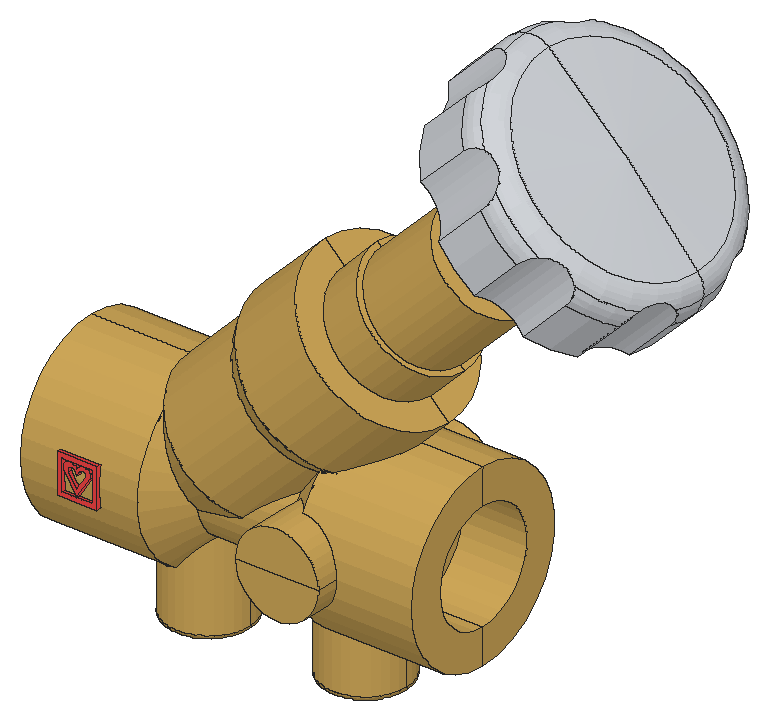
Revit family "HERZ Shut-off valve 4125 D", category Rohrzubehör, Revit 2019
Family settings
  Bemaßung runder Anschluss = Durchmesser verwenden
  Teiletyp = Unterbricht
  OmniClass-Nummer = 23.65.55.14
  OmniClass-Titel = Valves for Liquid Services
  Arbeitsebenenbasiert = Nein
  Immer vertikal = Ja
  Beim Laden mit Abzugskörper schneiden = Nein
  Gemeinsam genutzt = Nein
Parameters
  W01 = 45.00°  # constant formula
  URL = "www.herzvalves.com"
  Spindle = "brass CW617N\r"  # constant formula
  SW01 = 60.00°  # constant formula
  SCRNSEQ = "ARM;ARM_TYP=\"ABSV\";2"
  SCRNCODE = "05;07;02"  # constant formula
  S03 = 60.000 mm  # constant formula
  S02 [instance] = L06 + L09 + L12 + L15  # 113.800 mm
  S01 [instance] = R01 * 2  # 41.000 mm
  R12 [instance] = R01 - 1.000 mm  # 19.500 mm
  R11 [instance] = size_lookup("4125D_", "R11", 1.000 mm, Nennweite)  # 6.000 mm
  R100 = 1.000 mm  # constant formula
  R10 [instance] = size_lookup("4125D_", "R10", 1.000 mm, Nennweite)  # 9.000 mm
  R09 [instance] = size_lookup("4125D_", "R9", 1.000 mm, Nennweite)  # 12.750 mm
  R08 [instance] = size_lookup("4125D_", "R8", 1.000 mm, Nennweite)  # 14.000 mm
  R07 [instance] = size_lookup("4125D_", "R7", 1.000 mm, Nennweite)  # 20.000 mm
  R06 [instance] = size_lookup("4125D_", "R6", 1.000 mm, Nennweite)  # 17.750 mm
  R05 [instance] = Nennweite / 2  # 12.500 mm
  R04 [instance] = size_lookup("4125D_", "R4", 1.000 mm, Nennweite)  # 9.500 mm
  R03 = 9.500 mm  # constant formula
  R02 [instance] = Nennweite / 2  # 12.500 mm
  R01 [instance] = size_lookup("4125D_", "R1", 1.000 mm, Nennweite)  # 20.500 mm
  Upper part = "DZR brass CW602N"  # constant formula
  Part number [instance] = size_lookup("4125D_", "Artnr", 0, Nennweite)  # 1412563
  Nennweite [instance] = 25.000 mm
  Model = "STRÖMAX-D shut-off valve, inclined model, brass version, socket x socket,\r\nwith long threaded sockets, non-rising spindle,\r\nspindle sealing by means of elastic double-O-ring."
  Medium = "Heating water according ÖNORM H5195 or VDI- Standard 2035.\r\nThe use of ethylene- or propylene glycol in a mixing ratio 25- 50% is allowed."
  Max. differential pressure on closed seat = 1000000.0 Pa  # constant formula
  Max. operating temperature = 110 °C  # constant formula
  Max. operating pressure = 2000000.0 Pa  # constant formula
  L16 [instance] = L01 / 2  # 13.500 mm
  L15 [instance] = size_lookup("4125D_", "L15", 1.000 mm, Nennweite)  # 12.400 mm
  L14 [instance] = size_lookup("4125D_", "L14", 1.000 mm, Nennweite)  # 12.000 mm
  L12 [instance] = size_lookup("4125D_", "L12", 1.000 mm, Nennweite)  # 43.400 mm
  L11 [instance] = size_lookup("4125D_", "L11", 1.000 mm, Nennweite)  # 22.400 mm
  L10 [instance] = size_lookup("4125D_", "L10", 1.000 mm, Nennweite)  # 11.000 mm
  L09 [instance] = size_lookup("4125D_", "L9", 1.000 mm, Nennweite)  # 19.500 mm
  L08 [instance] = size_lookup("4125D_", "L8", 1.000 mm, Nennweite)  # 34.000 mm
  L07 [instance] = size_lookup("4125D_", "L7", 1.000 mm, Nennweite)  # 18.000 mm
  L06 [instance] = size_lookup("4125D_", "L6", 1.000 mm, Nennweite) - L09  # 38.500 mm
  L05 [instance] = size_lookup("4125D_", "L5", 1.000 mm, Nennweite)  # 25.500 mm
  L04 [instance] = size_lookup("4125D_", "L4", 1.000 mm, Nennweite)  # 25.500 mm
  L03 = 15.000 mm  # constant formula
  L02 [instance] = size_lookup("4125D_", "L2", 1.000 mm, Nennweite)  # 11.000 mm
  L01 [instance] = size_lookup("4125D_", "L1", 1.000 mm, Nennweite)  # 27.000 mm
  L00 [instance] = size_lookup("4125D_", "L", 1.000 mm, Nennweite)  # 90.000 mm
  Cone = "DZR brass CW602N"  # constant formula
  Hersteller = "HERZ Armaturen Ges.m.b.H."  # constant formula
  Hand wheel = "Polyamide"  # constant formula
  H01 [instance] = size_lookup("4125D_", "H1", 1.000 mm, Nennweite)  # 32.000 mm
  Sealing = "EPDM"  # constant formula
  DN80 [instance] = Nennweite = 80.000 mm  # no
  DN65 [instance] = Nennweite = 65.000 mm  # no
  DN50 [instance] = Nennweite = 50.000 mm  # no
  DN40 [instance] = Nennweite = 40.000 mm  # no
  DN32 [instance] = Nennweite = 32.000 mm  # no
  DN25-DN80 [instance] = or(Nennweite = 25.000 mm, Nennweite = 32.000 mm, Nennweite = 40.000 mm, Nennweite = 50.000 mm, Nennweite = 65.000 mm, Nennweite = 80.000 mm)  # yes
  DN25 [instance] = Nennweite = 25.000 mm  # yes
  DN20 [instance] = Nennweite = 20.000 mm  # no
  DN15 [instance] = Nennweite = 15.000 mm  # no
  Body = "casted DZR brass CC752S"  # constant formula
  Application = "Reliable shutting of pipes in heating and cooling systems."
Reference planes
  plane 1 "Mitte (Vorne/hinten)": y = 0
  plane 2: z = 0
  plane 3 "Mitte (Links/rechts)": x = 0
Forms (mm)
  Revolve 1, solid, material "Messing, weicher Gelbton, geschweißt", detail levels fine
    sketch origin (470, 0, 0) x (1, 0, 0) y (0, 0, 1)
      loop
        line (-515, 12.5) -> (-500, 12.5) -> (-500, 0) -> (-440, 0) -> (-440, 12.5) -> (-425, 12.5) -> (-425, 20.5) -> (-452, 20.5) -> (-459, 12.5) -> (-481, 12.5) -> (-488, 20.5) -> (-515, 20.5) -> (-515, 12.5)
      axis (-515, 0) -> (-425, 0)
    angle from 0 to 360
  Revolve 2, solid, material "Messing, weicher Gelbton, geschweißt", detail levels fine
    sketch origin (470, 0, 0) x (1, 0, 0) y (0, 0, 1)
      loop
        line (-497.5, 0) -> (-497.5, -31)
        arc (-497.5, -31) -> (-497.207, -31.707) -> (-496.5, -32) r 1
        line (-496.5, -32) -> (-488, -32) -> (-488, 0) -> (-497.5, 0)
      axis (-488, 0) -> (-488, -32)
    angle from 0 to 360
  Revolve 3, solid, material "Messing, weicher Gelbton, geschweißt", detail levels fine
    sketch origin (0, 0, 0) x (1, 0, 0) y (0, 1, 0)
      loop
        line (18, -25.5) -> (27.5, -25.5) -> (27.5, 25.5) -> (18, 25.5) -> (18, -25.5)
      axis (18, -25.5) -> (18, 25.5)
    angle from 0 to 360
  Revolve 4, solid, material "Messing, weicher Gelbton, geschweißt", visible <- "DN25-DN80", detail levels fine
    sketch origin (-470, 0, 0) x (-1, 0, 0) y (0, 0, 1)
      loop
        line (-497.5, 0) -> (-497.5, -31)
        arc (-497.5, -31) -> (-497.207, -31.707) -> (-496.5, -32) r 1
        line (-496.5, -32) -> (-488, -32) -> (-488, 0) -> (-497.5, 0)
      axis (-488, 0) -> (-488, -32)
    angle from 0 to 360
  Revolve 5, solid, material "Messing, weicher Gelbton, geschweißt", detail levels fine
    sketch origin (0.32, 0, -0.105) x (1, 0, 0) y (0, 0, 1)
      loop
        line (-18.32, 0) -> (62.149, 80.469) -> (57.906, 84.711) -> (49.138, 75.943) -> (47.017, 78.065) -> (39.946, 70.994) -> (37.294, 73.645) -> (21.455, 57.806) -> (20.571, 58.69) -> (12.793, 50.912) -> (8.55, 55.154) -> (-5.239, 41.366) -> (-6.83, 36.593) -> (-22.386, 21.036) -> (-27.159, 8.839) -> (-18.32, 0)
      axis (-18.32, 0) -> (62.149, 80.469)
    angle from 0 to 360
Lines and regions (mm)
  model lines, detail levels coarse+medium
    curve 1: line (-45, 0, 20.5) -> (-45, 0, -20.5)
    curve 2: line (-45, 0, -20.5) -> (45, 0, 20.5)
    curve 3: line (45, 0, 20.5) -> (45, 0, -20.5)
    curve 4: line (45, 0, -20.5) -> (-45, 0, 20.5)
    curve 5: line (0, 0, 0) -> (56.9, 0, 98.554)
    curve 6: line (30.919, 0, 113.554) -> (82.881, 0, 83.554)
    curve 7: line (-45, -20.5, 0) -> (-45, 20.5, 0)
    curve 8: line (-45, 20.5, 0) -> (45, -20.5, 0)
    curve 9: line (45, -20.5, 0) -> (45, 20.5, 0)
    curve 10: line (45, 20.5, 0) -> (-45, -20.5, 0)
    curve 11: line (0, 0, 0) -> (56.9, 98.554, 0)
    curve 12: line (30.919, 113.554, 0) -> (82.881, 83.554, 0)
Dimensions and locks
  "H01": plane 2 to Revolve 2 sketch curve
  "L00": Revolve 1 sketch curve to Revolve 1 sketch curve
  equal spacing: Revolve 1 sketch curve, plane 3 "Mitte (Links/rechts)", Revolve 1 sketch curve
  "R01": Revolve 1 sketch curve to Revolve 1 sketch curve  (x2)
  "R02": Revolve 1 sketch curve to Revolve 1 sketch curve  (x3)
  "L01": Revolve 1 sketch curve to Revolve 1 sketch curve  (x2)
  "L02": plane 3 "Mitte (Links/rechts)" to Revolve 1 sketch curve
  "L02": Revolve 1 sketch curve to plane 3 "Mitte (Links/rechts)"
  "L03": Revolve 1 sketch curve to Revolve 1 sketch curve  (x2)
  "L01": Revolve 1 to Revolve 2 sketch curve
  "R03": Revolve 2 sketch curve to Revolve 2 sketch curve
  "L01": Revolve 4 sketch curve to Revolve 1
  "R03": Revolve 4 sketch curve to Revolve 4 sketch curve
  "H01": plane 2 to Revolve 4 sketch curve
  "L04": Revolve 3 sketch curve to plane 1 "Mitte (Vorne/hinten)"
  "L05": plane 1 "Mitte (Vorne/hinten)" to Revolve 3 sketch curve
  "R04": Revolve 3 sketch curve to Revolve 3 sketch curve
  "L01": Revolve 3 sketch curve to Revolve 1
  "R07": Revolve 5 sketch curve to Revolve 5 sketch curve
  "L07": plane 3 "Mitte (Links/rechts)" to Revolve 5 sketch curve
  "R05": Revolve 5 sketch curve to Revolve 5 sketch curve
  "L06": Revolve 5 sketch curve to Revolve 5 sketch curve
  "L08": Revolve 5 sketch curve to Revolve 5 sketch curve
  "R06": Revolve 5 sketch curve to Revolve 5 sketch curve
  "L14": Revolve 5 sketch curve to Revolve 5 sketch curve
  "L09": Revolve 5 sketch curve to Revolve 5 sketch curve
  "R08": Revolve 5 sketch curve to Revolve 5 sketch curve
  "L10": Revolve 5 sketch curve to Revolve 5 sketch curve
  "R09": Revolve 5 sketch curve to Revolve 5 sketch curve
  "R10": Revolve 5 sketch curve to Revolve 5 sketch curve
  "L12": Revolve 5 sketch curve to Revolve 5 sketch curve
  "R11": Revolve 5 sketch curve to Revolve 5 sketch curve
  "L15": Revolve 5 sketch curve to Revolve 5 sketch curve
  "L11": Revolve 5 sketch curve to Revolve 5 sketch curve
  "R12": nested 9 to plane 1 "Mitte (Vorne/hinten)"
  "L16": Revolve 1 to nested 9
  equal spacing: curve 1, plane 3 "Mitte (Links/rechts)", curve 3
  "L00": curve 1 to curve 3
  equal spacing: curve 4, plane 2, curve 2
  "S01": curve 4 to curve 1
  "S01": curve 3 to curve 4
  equal spacing: curve 3, plane 2, curve 4
  "S02": curve 5 to curve 5
  equal spacing: curve 6, curve 5, curve 6
  "S03": curve 6 to curve 6
  equal spacing: curve 7, plane 3 "Mitte (Links/rechts)", curve 9
  "L00": curve 7 to curve 9
  equal spacing: curve 10, plane 1 "Mitte (Vorne/hinten)", curve 8
  "S01": curve 8 to curve 10
  equal spacing: curve 9, plane 1 "Mitte (Vorne/hinten)", curve 10
  "S01": curve 10 to curve 9
  "S02": curve 11 to curve 11
  equal spacing: curve 12, curve 11, curve 12
  "S03": curve 12 to curve 12
  "R100": radius of Revolve 2 sketch curve
  "R100": radius of Revolve 4 sketch curve
  "W01": angle plane 2 to Revolve 5 sketch curve
  "W01": angle level to Revolve 5 sketch curve
  "SW01": angle plane 2 to curve 5
  "SW01": angle plane 1 "Mitte (Vorne/hinten)" to curve 11
  aligned and locked: level to plane 2
Automatic sketch dimensions
  curve 5 to level = 0.000 mm
  plane 1 "Mitte (Vorne/hinten)" to curve 11 = 0.000 mm
  Revolve 1 sketch curve to level = 0.000 mm  (x2)
  Revolve 1 sketch curve to Revolve 1 sketch curve = 791.990 mm
  Revolve 1 sketch curve to Revolve 1 sketch curve = 2278.983 mm
  Revolve 2 sketch curve to level = 0.000 mm  (x2)
  Revolve 2 sketch curve to Revolve 2 sketch curve = 0.000 mm
  Revolve 2 sketch curve to Revolve 2 sketch curve = 0.292 mm
  Revolve 3 sketch curve to Revolve 3 sketch curve = 0.000 mm  (x3)
  Revolve 4 sketch curve to level = 0.000 mm  (x2)
  Revolve 4 sketch curve to Revolve 4 sketch curve = 0.000 mm
  Revolve 4 sketch curve to Revolve 4 sketch curve = 0.292 mm
  Revolve 5 sketch curve to level = 0.105 mm
  Revolve 5 sketch curve to Revolve 5 sketch curve = 0.000 mm  (x2)
Nested families
  nested 1: "Strömax-Handrad_Schrägsitz" at (42.584, 0, 54.979), visible <- "DN15", type "Strömax-Handrad_Schrägsitz", detail levels fine
    with Nennweite 0.000 mm, Gewicht 0.00 kg, Bestellnummer 0
  nested 2: "Strömax-Handrad_Schrägsitz" at (54.312, 0, 67.707), visible <- "DN20", type "Strömax-Handrad_Schrägsitz", detail levels fine
    with Nennweite 0.000 mm, Gewicht 0.00 kg, Bestellnummer 0
  nested 3: "Strömax-Handrad_Schrägsitz" at (62.469, 0, 80.364), visible <- "DN25", type "Strömax-Handrad_Schrägsitz", detail levels fine
    with Nennweite 0.000 mm, Gewicht 0.00 kg, Bestellnummer 0
  nested 4: "Strömax-Handrad_Schrägsitz" at (71.712, 0, 91.607), visible <- "DN32", type "Strömax-Handrad_Schrägsitz", detail levels fine
    with Nennweite 0.000 mm, Gewicht 0.00 kg, Bestellnummer 0
  nested 5: "Strömax-Handrad_Schrägsitz" at (80.399, 0, 101.294), visible <- "DN40", type "Strömax-Handrad_Schrägsitz", detail levels fine
    with Nennweite 0.000 mm, Gewicht 0.00 kg, Bestellnummer 0
  nested 6: "Strömax-Handrad_Schrägsitz" at (97.83, 0, 129.225), visible <- "DN50", type "Strömax-Handrad_Schrägsitz", detail levels fine
    with Nennweite 0.000 mm, Gewicht 0.00 kg, Bestellnummer 0
  nested 7: "Strömax-Handrad_Schrägsitz" at (114.482, 0, 149.378), visible <- "DN65", type "Strömax-Handrad_Schrägsitz", detail levels fine
    with Nennweite 0.000 mm, Gewicht 0.00 kg, Bestellnummer 0
  nested 8: "Strömax-Handrad_Schrägsitz" at (140.423, 0, 183.319), visible <- "DN80", type "Strömax-Handrad_Schrägsitz", detail levels fine
    with Nennweite 0.000 mm, Gewicht 0.00 kg, Bestellnummer 0
  nested 9: "Herz-Logo-vorne" at (-31.5, -20.232, 0) x (0, 1, 0) z (0, 0, 1), type "Herz-Logo-vorne", detail levels fine
Connectors
  piping at (-30, 0, 0), diameter 25, driven by "Nennweite"
    settings: on Revolve 1, index 1, connector inside diameter 609.6 mm, connector length 0.000 mm, flow factor 0, pipe flow 0.0 L/s, pressure drop 0.0 Pa, fitting loss kfactor 0, connector angle 0.00°, fixture units 0, engagement length 0.000 mm, angle of deflection 0.00°, flow configuration 0, flow direction 1, fitting loss method 0, system type 29, joint type 0, gender type 0, connector reference index -1, connector utility 0, adjustable connector no, is connector primary yes, connector description ""
  piping at (30, 0, 0), diameter 25, driven by "Nennweite"
    settings: on Revolve 1, index 2, connector inside diameter 609.6 mm, connector length 0.000 mm, flow factor 0, pipe flow 0.0 L/s, pressure drop 0.0 Pa, fitting loss kfactor 0, connector angle 0.00°, fixture units 0, engagement length 0.000 mm, angle of deflection 0.00°, flow configuration 0, flow direction 2, fitting loss method 0, system type 29, joint type 0, gender type 0, connector reference index -1, connector utility 0, adjustable connector no, is connector primary no, connector description ""
Definition of nested family "Strömax-Handrad_Schrägsitz"
  Parameters (values of type "Strömax-Handrad_Schrägsitz")
    URL = "www.herz-armaturen.at"
    Nennweite [instance] = 0.000 mm
    Manufacturer = "Herz Armaturen GmbH"  # constant formula
    Gewicht [instance] = 0.00 kg
    Bestellnummer [instance] = 0
  Reference planes
    plane 1 "Mitte (Vorne/hinten)": y = 0
    plane 2: z = 0
    plane 3 "Mitte (Links/rechts)": x = 0
  Forms (mm)
    Revolve 1, solid
      sketch origin (0, 0, 0) x (0.707107, 0, -0.707107) y (0.707107, 0, 0.707107)
        loop
          line (0, 0) -> (0, 22)
          arc (0, 22) -> (-12.15, 21.705) -> (-24.271, 20.819) r 250
          arc (-24.271, 20.819) -> (-26.831, 19.959) -> (-28.754, 18.063) r 6
          arc (-28.754, 18.063) -> (-29.682, 16.008) -> (-30, 13.776) r 8
          line (-30, 13.776) -> (-30, 0) -> (0, 0)
        axis (0, 22) -> (0, 0)
      angle from 0 to 360
    Extrusion 2, void
      sketch origin (0, 0, 0) x (0.707107, 0, -0.707107) y (0, 1, 0)
        loop
          circle (14.351, -34.645) r 10
      from 0 to 22
    Extrusion 3, void
      sketch origin (0, 0, 0) x (-0.707107, 0, 0.707107) y (0, -1, 0)
        loop
          circle (14.351, 34.645) r 10
      from 0 to 22
    Extrusion 4, void
      sketch origin (0, 0, 0) x (0, -1, 0) y (0.707107, 0, -0.707107)
        loop
          circle (14.351, 34.645) r 10
      from 0 to 22
    Extrusion 5, void
      sketch origin (0, 0, 0) x (0, 1, 0) y (-0.707107, 0, 0.707107)
        loop
          circle (14.351, -34.645) r 10
      from 0 to 22
    Extrusion 6, void
      sketch origin (0, 0, 0) x (0, -1, 0) y (0.707107, 0, -0.707107)
        loop
          circle (14.351, -34.645) r 10
      from 0 to 22
    Extrusion 7, void
      sketch origin (0, 0, 0) x (0, 1, 0) y (-0.707107, 0, 0.707107)
        loop
          circle (14.351, 34.645) r 10
      from 0 to 22
    Extrusion 8, void
      sketch origin (0, 0, 0) x (0.707107, 0, -0.707107) y (0, 1, 0)
        loop
          circle (14.351, 34.645) r 10
      from 0 to 22
    Extrusion 9, void
      sketch origin (0, 0, 0) x (-0.707107, 0, 0.707107) y (0, -1, 0)
        loop
          circle (14.351, -34.645) r 10
      from 0 to 22
  Cuts and joins
    Extrusion 2, Extrusion 3, Extrusion 4, Extrusion 5, Extrusion 6, Extrusion 7, Extrusion 8, Extrusion 9 cuts Revolve 1
  Dimensions and locks
    aligned and locked: level to plane 2
Definition of nested family "Herz-Logo-vorne"
  Reference planes
    plane 1 "Mitte (Vorne/hinten)": y = 0
    plane 2: z = 0
    plane 3 "Mitte (Links/rechts)": x = 0
  Forms (mm)
    Extrusion 1, solid
      sketch origin (0.732, -0.018, 0.017) x (0, -1, 0) y (0, 0, 1)
        loop
          line (-0.018, -4.517) -> (4.482, -4.517) -> (4.482, 4.483) -> (-4.518, 4.483) -> (-4.518, -4.517) -> (-0.018, -4.517)
        loop
          line (-0.05, -3.48) -> (3.482, -3.48) -> (3.482, 3.483) -> (-3.518, 3.483) -> (-3.518, -3.48) -> (-0.05, -3.48)
        loop
          arc (-0.018, 2.383) -> (-1.543, 3.287) -> (-3.067, 2.383) r 1.738
          arc (-3.067, 2.383) -> (-3.191, 1.899) -> (-3.067, 1.415) r 1.009
          line (-3.067, 1.415) -> (-0.018, -3.281) -> (3.032, 1.415)
          arc (3.032, 1.415) -> (3.156, 1.899) -> (3.032, 2.383) r 1.009
          arc (3.032, 2.383) -> (1.507, 3.287) -> (-0.018, 2.383) r 1.738
        loop
          arc (1.885, 1.272) -> (2.005, 1.675) -> (1.885, 2.079) r 0.74
          arc (1.885, 2.079) -> (1.265, 2.416) -> (0.644, 2.079) r 0.74
          line (0.644, 2.079) -> (-0.018, 0.97) -> (-0.679, 2.079)
          arc (-0.679, 2.079) -> (-1.3, 2.416) -> (-1.921, 2.079) r 0.74
          arc (-1.921, 2.079) -> (-2.04, 1.675) -> (-1.921, 1.272) r 0.74
          line (-1.921, 1.272) -> (-0.018, -1.658) -> (1.885, 1.272)
      from 0 to 1.5
  Dimensions and locks
    aligned and locked: level to plane 2
